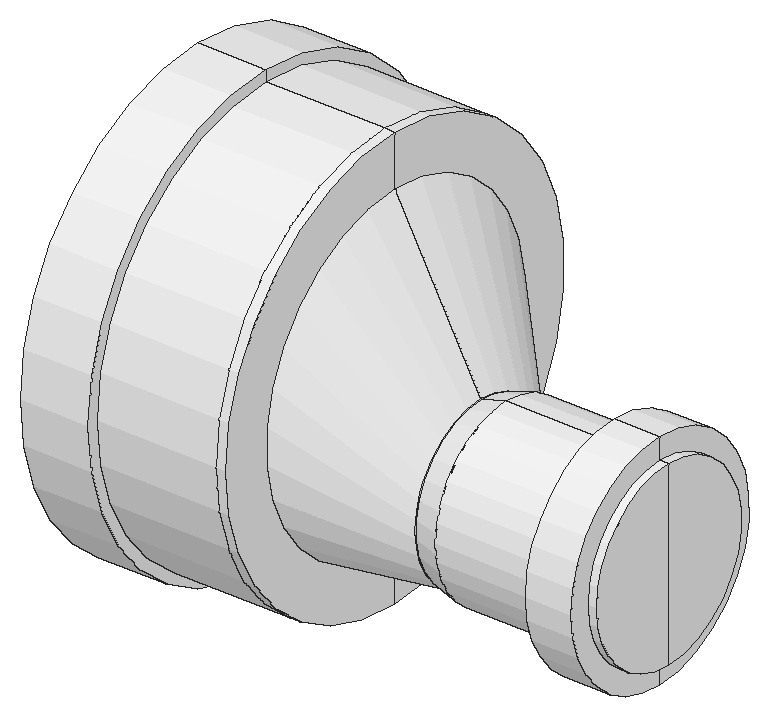
Revit family "HL_Переходник_HL9_1", category Pipe Fittings, Revit 2016
Family settings
  Part Type = Transition
  Round Connector Dimension = Use Diameter
  OmniClass Number = 23.60.30.11.14
  OmniClass Title = Pipework Fittings
  Work Plane-Based = No
  Always vertical = Yes
  Cut with Voids When Loaded = No
  Shared = No
Parameters (values of type "HL9_50_1")
  РАЗМЕР = "DN50/110"
  ПРАВОВАЯ ИНФОРМАЦИЯ = "\"Авторские права(©), права на дизайн или какие либо другие права интелектуальной собственности являются исключительной собственностью компании HL Hutterer & Lechner. Изменению не подлежит. Файл семейства с данными о прозводителе изделия защищен паролем с водяным знаком.\""
  НОМИНАЛЬНЫЙ ДИАМЕТР 2 [instance] = 50 mm
  НОМИНАЛЬНЫЙ ДИАМЕТР [instance] = 110 mm
  МАТЕРИАЛ = "PP"
  ВЕС = "0,295 kg"
  b2 [instance] = if(НОМИНАЛЬНЫЙ ДИАМЕТР > НОМИНАЛЬНЫЙ ДИАМЕТР 2, size_lookup(Lookup Table Name, "b2", 0 mm, НОМИНАЛЬНЫЙ ДИАМЕТР, НОМИНАЛЬНЫЙ ДИАМЕТР 2), size_lookup(Lookup Table Name, "b1", 0 mm, НОМИНАЛЬНЫЙ ДИАМЕТР 2, НОМИНАЛЬНЫЙ ДИАМЕТР))  # 8 mm
  a2 [instance] = if(НОМИНАЛЬНЫЙ ДИАМЕТР > НОМИНАЛЬНЫЙ ДИАМЕТР 2, size_lookup(Lookup Table Name, "a2", 0 mm, НОМИНАЛЬНЫЙ ДИАМЕТР, НОМИНАЛЬНЫЙ ДИАМЕТР 2), size_lookup(Lookup Table Name, "a1", 0 mm, НОМИНАЛЬНЫЙ ДИАМЕТР 2, НОМИНАЛЬНЫЙ ДИАМЕТР))  # 2.2 mm
  Y2 [instance] = if(НОМИНАЛЬНЫЙ ДИАМЕТР > НОМИНАЛЬНЫЙ ДИАМЕТР 2, size_lookup(Lookup Table Name, "Y2", 0 mm, НОМИНАЛЬНЫЙ ДИАМЕТР, НОМИНАЛЬНЫЙ ДИАМЕТР 2), size_lookup(Lookup Table Name, "Y1", 0 mm, НОМИНАЛЬНЫЙ ДИАМЕТР 2, НОМИНАЛЬНЫЙ ДИАМЕТР))  # 28.4 mm
  Y1 [instance] = if(НОМИНАЛЬНЫЙ ДИАМЕТР > НОМИНАЛЬНЫЙ ДИАМЕТР 2, size_lookup(Lookup Table Name, "Y1", 0 mm, НОМИНАЛЬНЫЙ ДИАМЕТР, НОМИНАЛЬНЫЙ ДИАМЕТР 2), size_lookup(Lookup Table Name, "Y2", 0 mm, НОМИНАЛЬНЫЙ ДИАМЕТР 2, НОМИНАЛЬНЫЙ ДИАМЕТР))  # 30 mm
  X2 [instance] = if(НОМИНАЛЬНЫЙ ДИАМЕТР > НОМИНАЛЬНЫЙ ДИАМЕТР 2, size_lookup(Lookup Table Name, "X2", 0 mm, НОМИНАЛЬНЫЙ ДИАМЕТР, НОМИНАЛЬНЫЙ ДИАМЕТР 2), size_lookup(Lookup Table Name, "X1", 0 mm, НОМИНАЛЬНЫЙ ДИАМЕТР 2, НОМИНАЛЬНЫЙ ДИАМЕТР))  # 28.4 mm
  X1 [instance] = if(НОМИНАЛЬНЫЙ ДИАМЕТР > НОМИНАЛЬНЫЙ ДИАМЕТР 2, size_lookup(Lookup Table Name, "X1", 0 mm, НОМИНАЛЬНЫЙ ДИАМЕТР, НОМИНАЛЬНЫЙ ДИАМЕТР 2), size_lookup(Lookup Table Name, "X2", 0 mm, НОМИНАЛЬНЫЙ ДИАМЕТР 2, НОМИНАЛЬНЫЙ ДИАМЕТР))  # 25 mm
  WT2 [instance] = if(НОМИНАЛЬНЫЙ ДИАМЕТР > НОМИНАЛЬНЫЙ ДИАМЕТР 2, size_lookup(Lookup Table Name, "WT2", 0 mm, НОМИНАЛЬНЫЙ ДИАМЕТР, НОМИНАЛЬНЫЙ ДИАМЕТР 2), size_lookup(Lookup Table Name, "WT1", 0 mm, НОМИНАЛЬНЫЙ ДИАМЕТР 2, НОМИНАЛЬНЫЙ ДИАМЕТР))  # 59.1 mm
  WT1 [instance] = if(НОМИНАЛЬНЫЙ ДИАМЕТР > НОМИНАЛЬНЫЙ ДИАМЕТР 2, size_lookup(Lookup Table Name, "WT1", 0 mm, НОМИНАЛЬНЫЙ ДИАМЕТР, НОМИНАЛЬНЫЙ ДИАМЕТР 2), size_lookup(Lookup Table Name, "WT2", 0 mm, НОМИНАЛЬНЫЙ ДИАМЕТР 2, НОМИНАЛЬНЫЙ ДИАМЕТР))  # 62 mm
  Manufacturer = "HL Hutterer & Lechner GmbH"
  V2 [instance] = if(НОМИНАЛЬНЫЙ ДИАМЕТР > НОМИНАЛЬНЫЙ ДИАМЕТР 2, size_lookup(Lookup Table Name, "V2", 0 mm, НОМИНАЛЬНЫЙ ДИАМЕТР, НОМИНАЛЬНЫЙ ДИАМЕТР 2), size_lookup(Lookup Table Name, "V1", 0 mm, НОМИНАЛЬНЫЙ ДИАМЕТР 2, НОМИНАЛЬНЫЙ ДИАМЕТР))  # 35 mm
  V1 [instance] = if(НОМИНАЛЬНЫЙ ДИАМЕТР > НОМИНАЛЬНЫЙ ДИАМЕТР 2, size_lookup(Lookup Table Name, "V1", 0 mm, НОМИНАЛЬНЫЙ ДИАМЕТР, НОМИНАЛЬНЫЙ ДИАМЕТР 2), size_lookup(Lookup Table Name, "V2", 0 mm, НОМИНАЛЬНЫЙ ДИАМЕТР 2, НОМИНАЛЬНЫЙ ДИАМЕТР))  # 69.9 mm
  URL = "http://www.hutterer-lechner.com/ru/products/catalog/roof-drains/HL9/50/1.aspx"
  T2 [instance] = if(НОМИНАЛЬНЫЙ ДИАМЕТР > НОМИНАЛЬНЫЙ ДИАМЕТР 2, size_lookup(Lookup Table Name, "T2", 0 mm, НОМИНАЛЬНЫЙ ДИАМЕТР, НОМИНАЛЬНЫЙ ДИАМЕТР 2), size_lookup(Lookup Table Name, "T1", 0 mm, НОМИНАЛЬНЫЙ ДИАМЕТР 2, НОМИНАЛЬНЫЙ ДИАМЕТР))  # 14.3 mm
  T1 [instance] = if(НОМИНАЛЬНЫЙ ДИАМЕТР > НОМИНАЛЬНЫЙ ДИАМЕТР 2, size_lookup(Lookup Table Name, "T1", 0 mm, НОМИНАЛЬНЫЙ ДИАМЕТР, НОМИНАЛЬНЫЙ ДИАМЕТР 2), size_lookup(Lookup Table Name, "T2", 0 mm, НОМИНАЛЬНЫЙ ДИАМЕТР 2, НОМИНАЛЬНЫЙ ДИАМЕТР))  # 21.3 mm
  S2 [instance] = if(НОМИНАЛЬНЫЙ ДИАМЕТР > НОМИНАЛЬНЫЙ ДИАМЕТР 2, size_lookup(Lookup Table Name, "S2", 0 mm, НОМИНАЛЬНЫЙ ДИАМЕТР, НОМИНАЛЬНЫЙ ДИАМЕТР 2), size_lookup(Lookup Table Name, "S1", 0 mm, НОМИНАЛЬНЫЙ ДИАМЕТР 2, НОМИНАЛЬНЫЙ ДИАМЕТР))  # 2.8 mm
  S1 [instance] = if(НОМИНАЛЬНЫЙ ДИАМЕТР > НОМИНАЛЬНЫЙ ДИАМЕТР 2, size_lookup(Lookup Table Name, "S1", 0 mm, НОМИНАЛЬНЫЙ ДИАМЕТР, НОМИНАЛЬНЫЙ ДИАМЕТР 2), size_lookup(Lookup Table Name, "S2", 0 mm, НОМИНАЛЬНЫЙ ДИАМЕТР 2, НОМИНАЛЬНЫЙ ДИАМЕТР))  # 0 mm
  Description = "Переходник DN50/110 ПП/ПВХ на чугун/свинец"
  built-in parameter 1114211 [instance] = 0.0000 mm  # (empty or 0)
  built-in parameter 1114212 [instance] = 0.082021 (stored number, unit not read)
  Model = "HL9/50/1"
  материал = Plactic - White
  Loss Method = K Coefficient from Table
  K Coefficient Table = "Reducer/Coupling/Union/Increaser"
  Lookup Table Name = "HL9_50_1"
  Type Comments = "Переходник DN50/100 ПП/ПВХ на чугун/свинец"
  Keynote = "HL9/50/1"
  K2 [instance] = WT2 / 2  # 29.55 mm
  K1 [instance] = WT1 / 2  # 31 mm
  Ex 2 [instance] = if(НОМИНАЛЬНЫЙ ДИАМЕТР > НОМИНАЛЬНЫЙ ДИАМЕТР 2, size_lookup(Lookup Table Name, "E2", 0 mm, НОМИНАЛЬНЫЙ ДИАМЕТР, НОМИНАЛЬНЫЙ ДИАМЕТР 2), size_lookup(Lookup Table Name, "E1", 0 mm, НОМИНАЛЬНЫЙ ДИАМЕТР 2, НОМИНАЛЬНЫЙ ДИАМЕТР))  # 25 mm
  Ex 1 [instance] = if(НОМИНАЛЬНЫЙ ДИАМЕТР > НОМИНАЛЬНЫЙ ДИАМЕТР 2, size_lookup(Lookup Table Name, "E1", 0 mm, НОМИНАЛЬНЫЙ ДИАМЕТР, НОМИНАЛЬНЫЙ ДИАМЕТР 2), size_lookup(Lookup Table Name, "E2", 0 mm, НОМИНАЛЬНЫЙ ДИАМЕТР 2, НОМИНАЛЬНЫЙ ДИАМЕТР))  # 0 mm
  L = 148.1 mm
  EAN = "9003076929511"
  D2 [instance] = if(НОМИНАЛЬНЫЙ ДИАМЕТР > НОМИНАЛЬНЫЙ ДИАМЕТР 2, size_lookup(Lookup Table Name, "D2", 0 mm, НОМИНАЛЬНЫЙ ДИАМЕТР, НОМИНАЛЬНЫЙ ДИАМЕТР 2), size_lookup(Lookup Table Name, "D1", 0 mm, НОМИНАЛЬНЫЙ ДИАМЕТР 2, НОМИНАЛЬНЫЙ ДИАМЕТР))  # 28 mm
  D1 [instance] = if(НОМИНАЛЬНЫЙ ДИАМЕТР > НОМИНАЛЬНЫЙ ДИАМЕТР 2, size_lookup(Lookup Table Name, "D1", 0 mm, НОМИНАЛЬНЫЙ ДИАМЕТР, НОМИНАЛЬНЫЙ ДИАМЕТР 2), size_lookup(Lookup Table Name, "D2", 0 mm, НОМИНАЛЬНЫЙ ДИАМЕТР 2, НОМИНАЛЬНЫЙ ДИАМЕТР))  # 66.5 mm
  b1 [instance] = if(НОМИНАЛЬНЫЙ ДИАМЕТР > НОМИНАЛЬНЫЙ ДИАМЕТР 2, size_lookup(Lookup Table Name, "b1", 0 mm, НОМИНАЛЬНЫЙ ДИАМЕТР, НОМИНАЛЬНЫЙ ДИАМЕТР 2), size_lookup(Lookup Table Name, "b2", 0 mm, НОМИНАЛЬНЫЙ ДИАМЕТР 2, НОМИНАЛЬНЫЙ ДИАМЕТР))  # 3.3 mm
  B2 [instance] = if(НОМИНАЛЬНЫЙ ДИАМЕТР > НОМИНАЛЬНЫЙ ДИАМЕТР 2, size_lookup(Lookup Table Name, "B2", 0 mm, НОМИНАЛЬНЫЙ ДИАМЕТР, НОМИНАЛЬНЫЙ ДИАМЕТР 2), size_lookup(Lookup Table Name, "B1", 0 mm, НОМИНАЛЬНЫЙ ДИАМЕТР 2, НОМИНАЛЬНЫЙ ДИАМЕТР))  # 25.85 mm
  B1 [instance] = if(НОМИНАЛЬНЫЙ ДИАМЕТР > НОМИНАЛЬНЫЙ ДИАМЕТР 2, size_lookup(Lookup Table Name, "B1", 0 mm, НОМИНАЛЬНЫЙ ДИАМЕТР, НОМИНАЛЬНЫЙ ДИАМЕТР 2), size_lookup(Lookup Table Name, "B2", 0 mm, НОМИНАЛЬНЫЙ ДИАМЕТР 2, НОМИНАЛЬНЫЙ ДИАМЕТР))  # 50.85 mm
  a1 [instance] = if(НОМИНАЛЬНЫЙ ДИАМЕТР > НОМИНАЛЬНЫЙ ДИАМЕТР 2, size_lookup(Lookup Table Name, "a1", 0 mm, НОМИНАЛЬНЫЙ ДИАМЕТР, НОМИНАЛЬНЫЙ ДИАМЕТР 2), size_lookup(Lookup Table Name, "a2", 0 mm, НОМИНАЛЬНЫЙ ДИАМЕТР 2, НОМИНАЛЬНЫЙ ДИАМЕТР))  # 0 mm
Types (3, lengths in mm): name | РАЗМЕР | НОМИНАЛЬНЫЙ ДИАМЕТР 2 | ВЕС | a2 | Y2 | Y1 | X2 | X1 | WT2 | V2 | URL | T2 | S2 | Description | built-in parameter 1114212 | Model | Lookup Table Name | Type Comments | Keynote | K2 | Ex 2 | L | EAN | D2 | B2 | B1
  (no name) | "DN50/110" | 50 | "0,295 kg" | 2.2 | 28.4 | 30 | 28.4 | 25 | 59.1 | 35 | "http://www.hutterer-lechner.com/ru/products/catalog/roof-drains/HL9/50/1.aspx" | 14.3 | 2.8 | "Переходник DN50/110 ПП/ПВХ на чугун/свинец" | 0.082021 (stored number, unit not read) | "HL9/50/1" | "HL9_50_1" | "Переходник DN50/100 ПП/ПВХ на чугун/свинец" | "HL9/50/1" | 29.55 | 25 | 148.1 | "9003076929511" | 28 | 25.85 | 50.85
  HL9_7_1 | "DN75/110" | 75 | "0,307 kg" | 2.9 | 41.1 | 35 | 41.1 | 30 | 66.4 | 47.5 | "http://www.hutterer-lechner.com/ru/products/catalog/roof-drains/HL9/7/1.aspx" | 14.8 | 3.3 | "Переходник DN75/110 ПП/ПВХ на чугун/свинец" | 0.042651 (stored number, unit not read) | "HL9/7/1" | "HL9_7_1" | "Переходник DN75/110 ПП/ПВХ на чугун/свинец" | "HL9/7/1" | 33.2 | 13 | 137.9 | "9003076929719" | 40.7 | 37.8 | 50.8
  HL9_50_1 | "DN50/110" | 50 | "0,295 kg" | 2.2 | 28.4 | 30 | 28.4 | 25 | 59.1 | 35 | "http://www.hutterer-lechner.com/ru/products/catalog/roof-drains/HL9/50/1.aspx" | 14.3 | 2.8 | "Переходник DN50/110 ПП/ПВХ на чугун/свинец" | 0.082021 (stored number, unit not read) | "HL9/50/1" | "HL9_50_1" | "Переходник DN50/100 ПП/ПВХ на чугун/свинец" | "HL9/50/1" | 29.55 | 25 | 148.1 | "9003076929511" | 28 | 25.85 | 50.85
Reference planes
  plane 1 "Center (Front/Back)": y = 0
  plane 2: z = 0
  plane 3 "Center (Left/Right)": x = 0
  plane 4: x = 87.55
  plane 5: x = 117.1
  plane 6: x = -31
  plane 7: x = 31
  plane 8: x = 58
  plane 9: z = -25
  plane 10 "excentircita 1": z = 0
  plane 11: z = 66.5
  plane 12: z = -66.5
  plane 13: z = -53
  plane 14: z = 3
  plane 15: z = 64.735
  plane 16: y = -66.5
  plane 17: y = 66.5
  plane 18: y = 28
  plane 19: y = -28
Forms (mm)
  Revolve 1, solid, material "Plactic - White" <- "материал", detail levels fine
    sketch origin (0, 0, 0) x (1, 0, 0) y (0, 0, 1)
      loop
        line (58, -25) -> (58, -50.8) -> (66, -53) -> (100, -53) -> (100, -60) -> (114.3, -60) -> (114.3, -53.4) -> (117.1, -53.4) -> (117.1, -25) -> (58, -25)
      axis (58, -25) -> (117.1, -25)
    angle from 0 to 360
  Revolve 2, solid, material "Plactic - White" <- "материал", detail levels fine
    sketch origin (0, 0, 0) x (1, 0, 0) y (0, 0, 1)
      loop
        line (-31, 0) -> (-31, -25) -> (-31, -30) -> (-31, -69.9) -> (-9.7, -69.9) -> (-9.7, -66.5) -> (27.7, -66.5) -> (31, -66.5) -> (31, 0) -> (-31, 0)
      axis (-31, 0) -> (31, 0)
    angle from 0 to 360
  Blend 3, solid, material "Plactic - White" <- "материал", detail levels fine
    base sketch origin (31, 13.609, 1219.2) x (0, 1, 0) y (0, 0, 1)
      loop
        circle (-13.609, -1219.2) r 50.85
    top sketch origin (58, 13.609, 1219.2) x (0, 1, 0) y (0, 0, 1)
      loop
        circle (-13.609, -1244.2) r 25.85
    from 0 to 0
Lines and regions (mm)
  reference lines
    curve 1: line (0, 0, 0) -> (31, 0, 0)
    curve 2: line (0, 0, -25) -> (87.55, 0, -25)
  model lines, detail levels coarse+medium
    curve 3: line (0, 0, 0) -> (87.55, 0, -25)
    curve 4: line (0, 0, 66.5) -> (0, 0, -66.5)
    curve 5: line (87.55, 0, -53) -> (87.55, 0, 3)
  symbolic lines, detail levels coarse+medium
    curve 6: line (0, 66.5, 0) -> (0, -66.5, 0)
    curve 7: line (87.55, 28, 0) -> (87.55, -28, 0)
Dimensions and locks
  "L": plane 6 to plane 5
  "K1": plane 6 to plane 3 "Center (Left/Right)"
  "K2": plane 4 to plane 5
  "WT1": plane 6 to plane 7
  "WT2": plane 8 to plane 5
  "Ex 2": level to plane 9
  "X2": plane 9 to Revolve 1 sketch curve
  "Y2": plane 9 to Revolve 1 sketch curve
  "V2": curve 2 to Revolve 1 sketch curve
  "b2": Revolve 1 sketch curve to plane 8
  "S2": Revolve 1 sketch curve to plane 5
  "D2": curve 2 to Revolve 1 sketch curve
  "T2": Revolve 1 sketch curve to Revolve 1 sketch curve
  "a2": Revolve 1 sketch curve to Revolve 1 sketch curve
  "Ex 1": level to plane 10 "excentircita 1"
  "V1": plane 10 "excentircita 1" to Revolve 2 sketch curve
  "D1": plane 10 "excentircita 1" to Revolve 2 sketch curve
  "X1": plane 10 "excentircita 1" to Revolve 2 sketch curve
  "Y1": plane 10 "excentircita 1" to Revolve 2 sketch curve
  "S1": Revolve 2 sketch curve to plane 6
  "T1": Revolve 2 sketch curve to Revolve 2 sketch curve
  "b1": plane 7 to Revolve 2 sketch curve
  "a1": Revolve 2 sketch curve to Revolve 2 sketch curve
  "D1": level to plane 12
  "D1": plane 11 to level
  "D2": plane 9 to plane 13
  "D2": plane 14 to plane 9
  "D1": plane 1 "Center (Front/Back)" to plane 17
  "D1": plane 16 to plane 1 "Center (Front/Back)"
  "D2": plane 18 to plane 1 "Center (Front/Back)"
  "D2": plane 1 "Center (Front/Back)" to plane 19
  "B1": radius of Blend 3 sketch curve
  "B2": radius of Blend 3 sketch curve
  aligned and locked: plane 8 to Blend 3
  aligned and locked: plane 3 "Center (Left/Right)" to curve 1
  aligned and locked: curve 2 to plane 9
  aligned and locked: plane 4 to curve 2
  aligned and locked: plane 3 "Center (Left/Right)" to curve 2
  aligned and locked: Revolve 1 sketch curve to plane 9  (x2)
  aligned and locked: plane 8 to Revolve 1 sketch curve
  aligned and locked: plane 5 to Revolve 1 sketch curve
  aligned and locked: plane 10 "excentircita 1" to Blend 3 sketch curve
  aligned and locked: plane 10 "excentircita 1" to Revolve 2 sketch curve
  aligned and locked: Revolve 2 sketch curve to plane 6
  aligned and locked: plane 7 to Revolve 2 sketch curve
  aligned and locked: Revolve 2 sketch curve to plane 10 "excentircita 1"
  aligned and locked: curve 1 to plane 10 "excentircita 1"
  aligned and locked: plane 4 to curve 3
  aligned and locked: plane 9 to curve 3
  aligned and locked: plane 10 "excentircita 1" to curve 3
  aligned and locked: plane 3 "Center (Left/Right)" to curve 3
  aligned and locked: plane 11 to curve 4
  aligned and locked: plane 12 to curve 4
  aligned and locked: curve 4 to plane 3 "Center (Left/Right)"
  aligned and locked: plane 14 to curve 5
  aligned and locked: plane 13 to curve 5
  aligned and locked: plane 4 to curve 5
  aligned and locked: plane 19 to curve 7
  aligned and locked: plane 18 to curve 7
  aligned and locked: curve 7 to plane 4
  aligned and locked: plane 17 to curve 6
  aligned and locked: plane 16 to curve 6
  aligned and locked: curve 6 to plane 3 "Center (Left/Right)"
Automatic sketch dimensions
  curve 1 to plane 7 = 0 mm
  Blend 3 sketch curve to plane 1 "Center (Front/Back)" = 0 mm  (x2)
  Revolve 1 sketch curve to plane 8 = 3.769 mm
  Revolve 1 sketch curve to Revolve 1 sketch curve = 7.231 mm
  plane 9 to Blend 3 sketch curve = 0 mm
  Revolve 2 sketch curve to plane 6 = 10 mm
  Revolve 2 sketch curve to plane 8 = 6.957 mm
Connectors
  piping at (0, 0, 0), diameter 110, driven by "НОМИНАЛЬНЫЙ ДИАМЕТР"
    settings: on curve 1, index 1, connector inside diameter 609.6 mm, connector length 0 mm, flow factor 0, pipe flow 0.0 L/s, pressure drop 0.0 Pa, fitting loss kfactor 0, connector angle 0.00°, fixture units 0, engagement length 0 mm, angle of deflection 0.00°, flow configuration 0, flow direction 0, fitting loss method 0, system type 28, joint type 0, gender type 0, connector reference index -1, connector utility 0, adjustable connector no, is connector primary yes, connector description ""
  piping at (87.55, 0, -25), diameter 50, driven by "НОМИНАЛЬНЫЙ ДИАМЕТР 2"
    settings: on curve 2, index 2, connector inside diameter 609.6 mm, connector length 0 mm, flow factor 0, pipe flow 0.0 L/s, pressure drop 0.0 Pa, fitting loss kfactor 0, connector angle 0.00°, fixture units 0, engagement length 0 mm, angle of deflection 0.00°, flow configuration 0, flow direction 0, fitting loss method 0, system type 28, joint type 0, gender type 0, connector reference index -1, connector utility 0, adjustable connector no, is connector primary no, connector description ""
